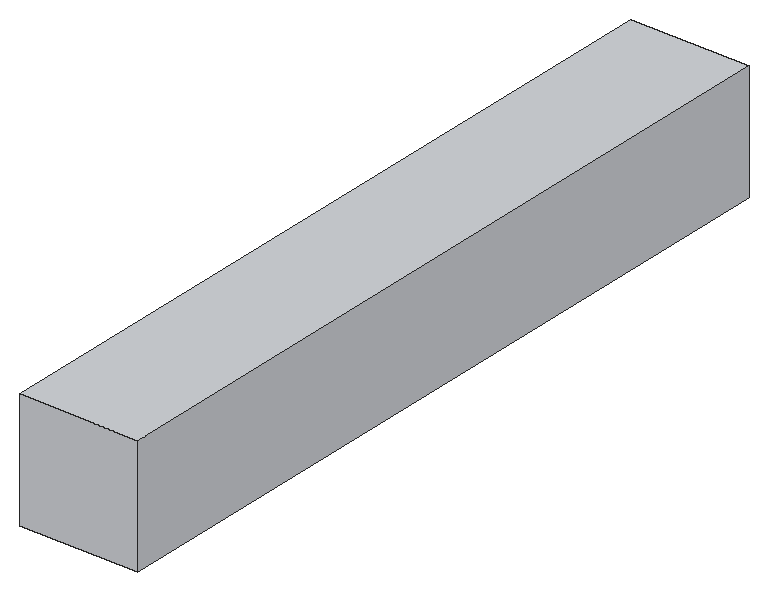
Revit family "XXX_ELT_Medienschiene", category Elektrische Ausstattung, Revit 2014
Parameters (values of type "Medienschiene L=1,30m")
  URL = ""
  Type Comments = ""
  Modell = "Medien"
  Manufacturer = ""
  ELT_Kurzbezeichnung [instance] = "M2"
  Breite = 1300 mm
  Spannung_x = 120 V
  Leistungsfaktor [instance] = 1
  Description = ""
  Keynote = ""
  Anzahl Pole = 1
  Lastklassifizierung = Strom
  Leistung [instance] = 500 VA
  Höhe = 200 mm
  Tiefe = 200 mm
Reference planes
  plane 1 "Mitte (Vorne/hinten)": y = 0
  plane 2: z = 0
  plane 3 "Mitte (Links/rechts)": x = 0
  plane 4: y = 650
  plane 5: y = -650
  plane 6: x = -100
  plane 7: x = 100
  plane 8: z = 200
Forms (mm)
  Extrusion 1, solid
    sketch origin (0, 0, 0) x (1, 0, 0) y (0, 1, 0)
      loop
        line (-100, 650) -> (-100, -650) -> (100, -650) -> (100, 650) -> (-100, 650)
    from 0 to 200
Lines and regions (mm)
  symbolic lines, style "Verteilerschränke Starkstrom", detail levels fine
    curve 1: line (-100, 650, 0) -> (100, 650, 0)
    curve 2: line (-100, -650, 0) -> (-100, 650, 0)
    curve 3: line (100, -650, 0) -> (-100, -650, 0)
    curve 4: line (100, 650, 0) -> (100, -650, 0)
Dimensions and locks
  equal spacing: plane 6, plane 3 "Mitte (Links/rechts)", plane 7
  equal spacing: plane 4, plane 1 "Mitte (Vorne/hinten)", plane 5
  "Höhe": plane 6 to plane 7
  "Breite": plane 4 to plane 5
  "Tiefe": level to plane 8
  aligned and locked: plane 6 to Extrusion 1 sketch curve
  aligned and locked: Extrusion 1 sketch curve to plane 4
  aligned and locked: plane 5 to Extrusion 1 sketch curve
  aligned and locked: Extrusion 1 sketch curve to plane 7
  aligned and locked: plane 8 to Extrusion 1
Automatic sketch dimensions
  curve 3 to plane 5 = 0 mm
  curve 3 to plane 6 = 0 mm
  curve 3 to plane 7 = 0 mm
  curve 2 to plane 4 = 0 mm
